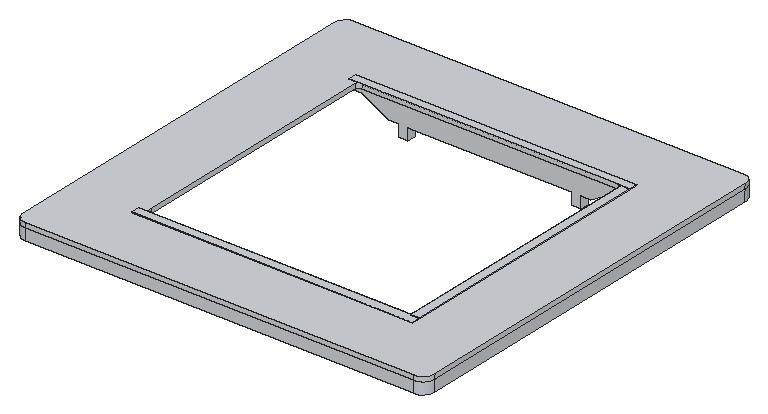
Revit family "Gira_0211295", category Electrical Fixtures, host Face, Revit 2017
Family settings
  Host = Face
  Maintain Annotation Orientation = No
  Round Connector Dimension = Use Diameter
  Part Type = Normal
  Cut with Voids When Loaded = No
  Shared = No
  Room Calculation Point = No
Parameters (values of type "Cov.fr. 1-g flat Gira E2 p.white")
  With mounting grid = "No"
  With hinged lid = "No"
  URL = "http://katalog.gira.de/en/datenblatt.html?artikelnr=0211295"
  Type of fastening = "Clamp mounting"
  Transparent = "No"
  Surface protection = "Other"
  Surface finishing = "Glossy"
  Suitable for wall duct = "No"
  Suitable for flush-mounted installation = "Yes"
  Suitable for floor box = "No"
  Suitable for built-in installation = "No"
  RAL-number (akin) = "9010"
  Number of units vertical = "1"
  Number of units horizontal = "1"
  Number of units = "1"
  Name = "Cov.fr. 1-g flat Gira E2 p.white"
  Mounting direction = "Horizontal and vertical"
  Material quality = "Thermoplastic"
  Material = "Plastic"
  Manufacturer URL = "https://www.gira.de/"
  Manufacturer = "Gira"
  Label space/information surface = "No"
  Keynote = ""
  HeinzeBIM = "https://bimportal.heinze.de/bim/cov-fr-1-g-flat-gira-e2-p-white/2b91a80beee54fe65c890e24a301b51d3f3a6594"
  Halogen free = "Yes"
  HAN = "0211295"
  GTIN = "4010337022299"
  Description = "Cov.fr.1g flat E2 PW,Gira E2 cover frame for flat installation,pure white glossy,1-gang,"
  Degree of protection (IP) = "IP20"
  Default Elevation = 1219.2 mm
  Data sheet (1) = "https://katalog.gira.de/en/download.html?artikelnr=0211295"
  Colour = "White"
  Category = "Cover frame for domestic switching devices"
  BIM (1) = "https://media.stage.bim.site/public/gira/36a6b08/E2flach_Rahmen_1fach.rfa"
  Available = "No"
Reference planes
  plane 1 "Center (Front/Back)": y = 0
  plane 2: z = 0
  plane 3 "Center (Left/Right)": x = 0
Forms (mm)
  Extrusion 1, solid, detail levels fine
    sketch origin (0, 0, 0) x (1, 0, 0) y (0, 1, 0)
      loop
        arc (-41.4, 43.9) -> (-43.168, 43.168) -> (-43.9, 41.4) r 2.5
        line (-43.9, 41.4) -> (-43.9, -41.4)
        arc (-43.9, -41.4) -> (-43.168, -43.168) -> (-41.4, -43.9) r 2.5
        line (-41.4, -43.9) -> (41.4, -43.9)
        arc (41.4, -43.9) -> (43.168, -43.168) -> (43.9, -41.4) r 2.5
        line (43.9, -41.4) -> (43.9, 41.4)
        arc (43.9, 41.4) -> (43.168, 43.168) -> (41.4, 43.9) r 2.5
        line (41.4, 43.9) -> (-41.4, 43.9)
      loop
        spline (-28.144, -27.245) -> (-28.136, -27.363) -> (-28.113, -27.478) -> (-28.075, -27.589) -> (-28.023, -27.695) -> (-27.958, -27.792) -> (-27.881, -27.881) -> (-27.792, -27.958) -> (-27.695, -28.023) -> (-27.589, -28.075) -> (-27.478, -28.113) -> (-27.363, -28.136) -> (-27.245, -28.144)
        line (-27.245, -28.144) -> (27.245, -28.144)
        spline (27.245, -28.144) -> (27.363, -28.136) -> (27.478, -28.113) -> (27.589, -28.075) -> (27.695, -28.023) -> (27.792, -27.958) -> (27.881, -27.881) -> (27.958, -27.792) -> (28.023, -27.695) -> (28.075, -27.589) -> (28.113, -27.478) -> (28.136, -27.363) -> (28.144, -27.245)
        line (28.144, -27.245) -> (28.144, 27.245)
        spline (28.144, 27.245) -> (28.136, 27.363) -> (28.113, 27.478) -> (28.075, 27.589) -> (28.023, 27.695) -> (27.958, 27.792) -> (27.881, 27.881) -> (27.792, 27.958) -> (27.695, 28.023) -> (27.589, 28.075) -> (27.478, 28.113) -> (27.363, 28.136) -> (27.245, 28.144)
        line (27.245, 28.144) -> (-27.245, 28.144)
        spline (-27.245, 28.144) -> (-27.363, 28.136) -> (-27.478, 28.113) -> (-27.589, 28.075) -> (-27.695, 28.023) -> (-27.792, 27.958) -> (-27.881, 27.881) -> (-27.958, 27.792) -> (-28.023, 27.695) -> (-28.075, 27.589) -> (-28.113, 27.478) -> (-28.136, 27.363) -> (-28.144, 27.245)
        line (-28.144, 27.245) -> (-28.144, -27.245)
    from 2.5 to 3.4
  Extrusion 2, solid, detail levels fine
    sketch origin (0, 0, 0) x (1, 0, 0) y (0, 1, 0)
      loop
        arc (-41.4, 43.9) -> (-43.168, 43.168) -> (-43.9, 41.4) r 2.5
        line (-43.9, 41.4) -> (-43.9, -41.4)
        arc (-43.9, -41.4) -> (-43.168, -43.168) -> (-41.4, -43.9) r 2.5
        line (-41.4, -43.9) -> (41.4, -43.9)
        arc (41.4, -43.9) -> (43.168, -43.168) -> (43.9, -41.4) r 2.5
        line (43.9, -41.4) -> (43.9, 41.4)
        arc (43.9, 41.4) -> (43.168, 43.168) -> (41.4, 43.9) r 2.5
        line (41.4, 43.9) -> (-41.4, 43.9)
      loop
        arc (-41.4, 43.4) -> (-42.814, 42.814) -> (-43.4, 41.4) r 2
        line (-43.4, 41.4) -> (-43.4, -41.4)
        arc (-43.4, -41.4) -> (-42.814, -42.814) -> (-41.4, -43.4) r 2
        line (-41.4, -43.4) -> (41.4, -43.4)
        arc (41.4, -43.4) -> (42.814, -42.814) -> (43.4, -41.4) r 2
        line (43.4, -41.4) -> (43.4, 41.4)
        arc (43.4, 41.4) -> (42.814, 42.814) -> (41.4, 43.4) r 2
        line (41.4, 43.4) -> (-41.4, 43.4)
    from 0 to 2.5
  Extrusion 3, solid, detail levels fine
    sketch origin (0, 0, 0) x (1, 0, 0) y (0, 0, 1)
      loop
        line (-17.5, -4.06) -> (-17.5, -1.56) -> (17.5, -1.56) -> (17.5, -4.06) -> (19.5, -4.06) -> (19.5, -1.56) -> (21.654, -1.56) -> (27.214, 1.65) -> (30, 1.65) -> (30, 3.4) -> (-30, 3.4) -> (-30, 1.65) -> (-27.214, 1.65) -> (-21.654, -1.56) -> (-19.5, -1.56) -> (-19.5, -4.06) -> (-17.5, -4.06)
    from 28.144 to 30
  Extrusion 4, solid, detail levels fine
    sketch origin (0, 0, 0) x (0, -1, 0) y (0, 0, -1)
      loop
        line (-17.5, 4.06) -> (-19.5, 4.06) -> (-19.5, 1.56) -> (-21.654, 1.56) -> (-27.214, -1.65) -> (-28.144, -1.65) -> (-28.144, -3.4) -> (28.144, -3.4) -> (28.144, -1.65) -> (27.214, -1.65) -> (21.654, 1.56) -> (19.5, 1.56) -> (19.5, 4.06) -> (17.5, 4.06) -> (17.5, 1.56) -> (-17.5, 1.56) -> (-17.5, 4.06)
    from 28.144 to 30
  Extrusion 5, solid, detail levels medium
    sketch origin (0, 0, 0) x (0, -1, 0) y (0, 0, 1)
      loop
        line (-17.5, -4.06) -> (-17.5, -1.56) -> (17.5, -1.56) -> (17.5, -4.06) -> (19.5, -4.06) -> (19.5, -1.56) -> (28.144, -1.56) -> (28.144, 3.4) -> (-28.144, 3.4) -> (-28.144, -1.56) -> (-19.5, -1.56) -> (-19.5, -4.06) -> (-17.5, -4.06)
    from 28.144 to 30
  Extrusion 6, solid, detail levels fine
    sketch origin (0, 0, 0) x (1, 0, 0) y (0, 0, -1)
      loop
        line (-17.5, 4.06) -> (-19.5, 4.06) -> (-19.5, 1.56) -> (-21.654, 1.56) -> (-27.214, -1.65) -> (-30, -1.65) -> (-30, -3.4) -> (30, -3.4) -> (30, -1.65) -> (27.214, -1.65) -> (21.654, 1.56) -> (19.5, 1.56) -> (19.5, 4.06) -> (17.5, 4.06) -> (17.5, 1.56) -> (-17.5, 1.56) -> (-17.5, 4.06)
    from 28.144 to 30
  Extrusion 7, solid, detail levels coarse
    sketch origin (0, 0, 0) x (1, 0, 0) y (0, 1, 0)
      loop
        line (-43.9, 43.9) -> (-43.9, -43.9) -> (43.9, -43.9) -> (43.9, 43.9) -> (-43.9, 43.9)
    from -4.06 to 3.4
  Extrusion 8, solid, detail levels medium
    sketch origin (0, 0, 0) x (1, 0, 0) y (0, 1, 0)
      loop
        line (-43.9, 43.9) -> (-43.9, -43.9) -> (43.9, -43.9) -> (43.9, 43.9) -> (-43.9, 43.9)
    from 0 to 3.4
  Extrusion 9, solid, detail levels medium
    sketch origin (0, 0, 0) x (1, 0, 0) y (0, 0, 1)
      loop
        line (-17.5, -4.06) -> (-17.5, -1.56) -> (17.5, -1.56) -> (17.5, -4.06) -> (19.5, -4.06) -> (19.5, -1.56) -> (30, -1.56) -> (30, 3.4) -> (-30, 3.4) -> (-30, -1.56) -> (-19.5, -1.56) -> (-19.5, -4.06) -> (-17.5, -4.06)
    from 28.144 to 30
  Extrusion 10, solid, detail levels medium
    sketch origin (0, 0, 0) x (1, 0, 0) y (0, 0, -1)
      loop
        line (-17.5, 4.06) -> (-19.5, 4.06) -> (-19.5, 1.56) -> (-30, 1.56) -> (-30, -3.4) -> (30, -3.4) -> (30, 1.56) -> (19.5, 1.56) -> (19.5, 4.06) -> (17.5, 4.06) -> (17.5, 1.56) -> (-17.5, 1.56) -> (-17.5, 4.06)
    from 28.144 to 30
  Extrusion 11, solid, detail levels medium
    sketch origin (0, 0, 0) x (0, -1, 0) y (0, 0, -1)
      loop
        line (-17.5, 4.06) -> (-19.5, 4.06) -> (-19.5, 1.56) -> (-28.144, 1.56) -> (-28.144, -3.4) -> (28.144, -3.4) -> (28.144, 1.56) -> (19.5, 1.56) -> (19.5, 4.06) -> (17.5, 4.06) -> (17.5, 1.56) -> (-17.5, 1.56) -> (-17.5, 4.06)
    from 28.144 to 30
Dimensions and locks
  aligned and locked: plane 2 to host face
  aligned and locked: level to host face
